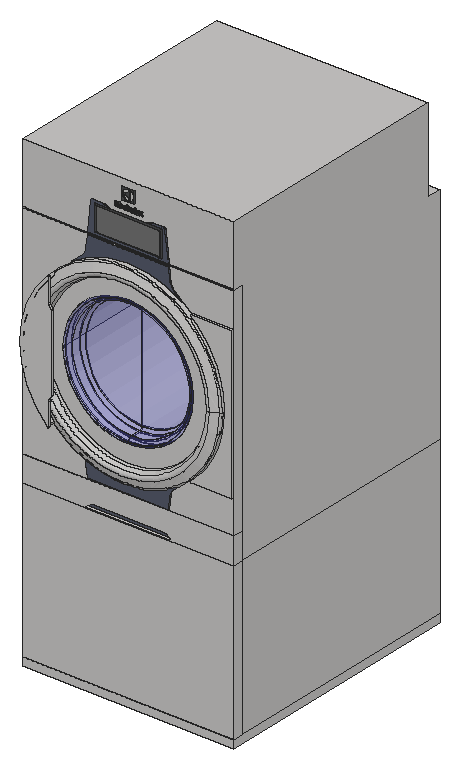
Revit family "QF_ELECTROLUXPROFESSIONAL_1L059Y_TD6-14_HP", category Attrezzature speciali, Revit 2021
Family settings
  Quota connettore circolare = Usa diametro
  Tipo di parte = Normale
  Basato su piano di lavoro = No
  Sempre verticale = Sì
  Taglio con vuoti quando caricato = No
  Condiviso = No
  Punto di calcolo locali = No
Parameters (values of type "9873730143")
  Weight = 273
  Watts = 6500 W
  Volts = 440 V
  URL = "www.electroluxprofessional.com"
  Steam Pounds per Hour = 0
  Show Logo [instance] = yes
  Show Clearance [instance] = yes
  Sensible Heat Output = "0.0"
  Prospetto di default = 0 mm
  Produttore = "Electrolux Professional"
  Phase = 3
  Modello = "TD6-14"
  Length Actual = 790 mm
  Latent Heat Output = "0.0"
  Item Number = "1LA0AB"
  Height Actual = 1771 mm
  Gas KW = 0
  Direct Waste Size [instance] = 31.75 mm
  Descrizione = "TUMBLE DRYER TD6-14 14KG GALVA.DRUM HEAT PUMP 440/60/3 COMPASS PRO 6G81 EU SILVER DO.LEFT MB STOP DISCON."
  Depth Actual = 990 mm
  Cycle = 60 Hz
  Corrente [instance] = "8.5"
Types (35, lengths in mm): name | Weight | Watts | Volts | Phase | Item Number | Descrizione | Depth Actual | Cycle | Corrente
  (no name) | 273 | 6500 W | 440 V | 3 | "1LA0AB" | "TUMBLE DRYER TD6-14 14KG GALVA.DRUM HEAT PUMP 440/60/3 COMPASS PRO 6G81 EU SILVER DO.LEFT MB STOP DISCON." | 990 | 60 Hz | "8.5"
  9873730067 | 273 | 6500 W | 400 V | 3 | "1LSN3Z" | "TUMBLE DRYER TD6-14 14KG GALVA.DRUM HEAT PUMP 400/50/3 COMPASS PRO 6A81 EU SILVER DO.RIGHT.INS. ELS-NETW. PREP.CB MB DIS" | 990 | 50 Hz | "9.4"
  9873730077 | 273 | 6500 W | 400 V | 3 | "1L0EL8" | "TUMBLE DRYER TD6-14 14KG GALVA.DRUM HEAT PUMP 400/50/3 COMPASS PRO 6L80 EU SILVER DO.RIGHT EXT.PM. DISCON. 2.I/O" | 990 | 50 Hz | "9.4"
  9873730204 | 222 | 5500 W | 200 V | 1 | "1L0HAX" | "TUMBLE DRYER TD6-14 14KG SST DRUM HEAT PUMP 200/60/1 COMPASS PRO 6L85 JP SILVER DO.RIGHT.INS. DISCON." | 965 | 60 Hz | "0.0"
  9873730017 | 273 | 6500 W | 415 V | 3 | "1L0E95" | "TUMBLE DRYER TD6-14 14KG GALVA.DRUM HEAT PUMP 380-415/50/3N COMPASS PRO 6G81 EU SILVER DO.RIGHT.INS. MB DSC STOP DISCON." | 990 | 50 Hz | "9.9"
  9873730113 | 273 | 6500 W | 400 V | 3 | "1LSNS9" | "TUMBLE DRYER TD6-14 14KG GALVA.DRUM HEAT PUMP 400/50/3 COMPASS PRO 6L80 EU SILVER DO.LEFT DISCON." | 990 | 50 Hz | "9.4"
  9873730180 | 273 | 6500 W | 480 V | 3 | "1L0GYC" | "TUMBLE DRYER TD6-14 14KG SST DRUM HEAT PUMP 480/60/3 COMPASS PRO 6G81 EU SILVER DO.LEFT MB STOP DISCON." | 990 | 60 Hz | "7.8"
  988919413 | 222 | 6500 W | 415 V | 3 | "1L80GV" | "Spare Part HP255 HP42CC" | 965 | 50 Hz | "9.9"
  9873730170 | 273 | 6500 W | 415 V | 3 | "1L0GKV" | "TUMBLE DRYER TD6-14 14KG SST DRUM HEAT PUMP 380-415/50/3N COMPASS PRO 6A81 SE SILVER DO.LEFT.INS. MB" | 990 | 50 Hz | "9.9"
  9873730110 | 273 | 6500 W | 400 V | 3 | "1LSNR5" | "TUMBLE DRYER TD6-14 14KG SST DRUM HEAT PUMP 400/50/3N COMPASS PRO 6G81 EU SILVER DO.RIGHT MB STOP DISCON." | 990 | 50 Hz | "9.4"
  9873730202 | 222 | 5500 W | 200 V | 1 | "1L0HAV" | "TUMBLE DRYER TD6-14 14KG SST DRUM HEAT PUMP 200/60/1 COMPASS PRO 6G85 JP SILVER DO.RIGHT.INS. ELS-NETW. MB DISCON." | 965 | 60 Hz | "0.0"
  9873730142 | 273 | 6500 W | 400 V | 3 | "1LA0A1" | "TUMBLE DRYER TD6-14 14KG GALVA.DRUM HEAT PUMP 400/50/3N COMPASS PRO 6A81 EU SILVER DO.RIGHT.INS. ELS-NETW. PREP.CB MB DI" | 990 | 50 Hz | "9.4"
  9873730064 | 273 | 5500 W | 220 V | 1 | "1L80FH" | "TUMBLE DRYER TD6-14 14KG SST DRUM HEAT PUMP 220/50/1N COMPASS PRO 6G81 EU SILVER DO.LEFT MB STOP DISCON." | 990 | 50 Hz | "25.0"
  9873730172 | 273 | 6500 W | 400 V | 3 | "1L99A0" | "TUMBLE DRYER TD6-14 14KG SST DRUM HEAT PUMP 400/50/3N COMPASS PRO 6L80 EU SILVER DO.RIGHT EXT.PM. DISCON. 2.I/O" | 990 | 50 Hz | "9.4"
  9873730132 | 273 | 5500 W | 240 V | 1 | "1LSNZF" | "TUMBLE DRYER TD6-14 14KG GALVA.DRUM HEAT PUMP 220-240/50/1N COMPASS PRO 6L80 EU SILVER DO.RIGHT DISCON." | 990 | 50 Hz | "25.0"
  9873730063 | 273 | 6500 W | 400 V | 3 | "1L80FG" | "TUMBLE DRYER TD6-14 14KG GALVA.DRUM HEAT PUMP 400/60/3 COMPASS PRO 6G81 EU SILVER DO.RIGHT MB STOP DISCON." | 990 | 60 Hz | "9.4"
  9873730147 | 273 | 6500 W | 400 V | 3 | "1L0GB3" | "TUMBLE DRYER TD6-14 14KG GALVA.DRUM HEAT PUMP 400/50/3N COMPASS PRO 6G81 EU SILVER DO.RIGHT MB STOP DISCON." | 990 | 50 Hz | "9.4"
  9873730167 | 222 | 5500 W | 220 V | 1 | "1L0GJF" | "TUMBLE DRYER TD6-14 14KG GALVA.DRUM HEAT PUMP 220/60/1N COMPASS PRO 6G81 EU SILVER DO.LEFT MB STOP DISCON." | 965 | 60 Hz | "25.0"
  9873730177 | 273 | 6500 W | 400 V | 3 | "1L0GUV" | "TUMBLE DRYER TD6-14 14KG SST DRUM HEAT PUMP 400/50/3N COMPASS PRO 6G81 EU SILVER DO.LEFT.INS. MB STOP DISCON." | 990 | 50 Hz | "9.4"
  9873730208 | 222 | 6200 W | 415 V | 3 | "1L82D2" | "TUMBLE DRYER TD6-14 14KG GALVA.DRUM HEAT PUMP 380-415/50/3N COMPASS PRO 6G81 EU SILVER DO.LEFT MB STOP DISCON." | 965 | 50 Hz | "0.0"
  9873730203 | 222 | 5500 W | 200 V | 1 | "1L0HAW" | "TUMBLE DRYER TD6-14 14KG SST DRUM HEAT PUMP 200/50/1 COMPASS PRO 6L85 JP SILVER DO.RIGHT.INS. DISCON." | 965 | 50 Hz | "0.0"
  9873730016 | 273 | 6200 W | 415 V | 3 | "1L0E94" | "TUMBLE DRYER TD6-14 14KG GALVA.DRUM HEAT PUMP 380-415/50/3N COMPASS PRO 6A81 SE SILVER DO.LEFT.INS. MB" | 990 | 50 Hz | "9.9"
  9873730141 | 273 | 6500 W | 400 V | 3 | "1LA0A0" | "TUMBLE DRYER TD6-14 14KG GALVA.DRUM HEAT PUMP 400/50/3N COMPASS PRO 6G81 EU SILVER DO.RIGHT MB STOP DISCON." | 990 | 50 Hz | "9.4"
  9873730206 | 222 | 6200 W | 415 V | 3 | "1LM0BD" | "TUMBLE DRYER TD6-14 14KG GALVA.DRUM HEAT PUMP 380-415/50/3N COMPASS PRO 6G81 EU SILVER DO.RIGHT.INS. MB STOP DISCON." | 965 | 50 Hz | "0.0"
  9873730015 | 273 | 5500 W | 240 V | 1 | "1L0E93" | "TUMBLE DRYER TD6-14 14KG GALVA.DRUM HEAT PUMP 220-240/50/1N COMPASS PRO 6G81 EU SILVER DO.RIGHT.INS. MB STOP DISCON." | 990 | 50 Hz | "25.0"
  9873730201 | 222 | 5500 W | 200 V | 1 | "1L0HAU" | "TUMBLE DRYER TD6-14 14KG SST DRUM HEAT PUMP 200/50/1 COMPASS PRO 6G85 JP SILVER DO.RIGHT.INS. ELS-NETW. MB DISCON." | 965 | 50 Hz | "0.0"
  9873730186 | 222 | 6500 W | 400 V | 3 | "1LSPNF" | "TUMBLE DRYER TD6-14 14KG SST DRUM HEAT PUMP 400/50/3N COMPASS PRO 6G81 EU SILVER DO.RIGHT.INS. MB DSC STOP DISCON." | 965 | 50 Hz | "9.4"
  9873730221 | 222 | 5500 W | 230 V | 1 | "1LT6KW" | "TUMBLE DRYER TD6-14 14KG SST DRUM HEAT PUMP 230/50/1N COMPASS PRO 6L80 EU SILVER DO.RIGHT EXT.PM. DISCON. 2.I/O" | 965 | 50 Hz | "0.0"
  9873730048 | 273 | 5500 W | 240 V | 1 | "1L0EH3" | "TUMBLE DRYER TD6-14 14KG GALVA.DRUM HEAT PUMP 220-240/50/1N COMPASS PRO 6G81 EU SILVER DO.RIGHT MB STOP DISCON." | 990 | 50 Hz | "25.0"
  9873730058 | 273 | 5500 W | 240 V | 1 | "1L80E2" | "TUMBLE DRYER TD6-14 14KG GALVA.DRUM HEAT PUMP 220-240/50/1N COMPASS PRO 6A81 EU SILVER DO.RIGHT ELS-NETW. PREP.CB MB DIS" | 990 | 50 Hz | "25.0"
  9873730068 | 273 | 6500 W | 400 V | 3 | "1LSN40" | "TUMBLE DRYER TD6-14 14KG GALVA.DRUM HEAT PUMP 400/50/3 COMPASS PRO 6G81 EU SILVER DO.RIGHT MB STOP DISCON." | 990 | 50 Hz | "9.4"
  9873730078 | 273 | 6500 W | 415 V | 3 | "1L80GX" | "TUMBLE DRYER TD6-14 14KG GALVA.DRUM HEAT PUMP 380-415/50/3N COMPASS PRO 6L80 EU SILVER DO.LEFT EXT.PM. DISCON. 2.I/O" | 990 | 50 Hz | "9.9"
  9873730219 | 222 | 6200 W | 415 V | 3 | "1L0HJG" | "TUMBLE DRYER TD6-14 14KG GALVA.DRUM HEAT PUMP 380-415/50/3N COMPASS PRO 6G81 EU SILVER DO.RIGHT.INS. MB STOP DISCON." | 965 | 50 Hz | "0.0"
  9873730166 | 273 | 5500 W | 230 V | 1 | "1LSPD0" | "TUMBLE DRYER TD6-14 14KG SST DRUM HEAT PUMP 230/50/1N COMPASS PRO 6G81 EU SILVER DO.LEFT.INS. MB STOP DISCON." | 990 | 50 Hz | "23.9"
  9873730143 | 273 | 6500 W | 440 V | 3 | "1LA0AB" | "TUMBLE DRYER TD6-14 14KG GALVA.DRUM HEAT PUMP 440/60/3 COMPASS PRO 6G81 EU SILVER DO.LEFT MB STOP DISCON." | 990 | 60 Hz | "8.5"
Reference planes
  plane 1: z = 0
  plane 2 "BACK": y = 439.5
  plane 3 "FRONT": y = -549.5
  plane 4 "LEFT": x = -799
  plane 5 "RIGHT": x = -6
  plane 6 "TOP": z = 1771
  plane 7: y = -601.5
  plane 8: y = -1323.5
Forms (mm)
  Extrusion 1, solid, material "QF_Finishes_Stainless Steel"
    sketch origin (718.1, -398.1, 598.796) x (0, 0, -1) y (0, 1, 0)
      loop
        line (-14.704, 812.6) -> (-855.66, 812.6) -> (-855.66, 756.6) -> (-941.204, 756.6) -> (-941.204, -115.453) -> (-14.704, -115.453) -> (-14.704, 812.6)
    from -1517.1 to -724.1
  Extrusion 2, solid, material "QF_Finishes_Stainless Steel"
    sketch origin (718.1, -368.1, 598.796) x (0, 0, -1) y (0, 1, 0)
      loop
        line (568.796, -145.453) -> (568.796, 782.6) -> (-14.704, 782.6) -> (-14.704, -145.453) -> (568.796, -145.453)
    from -1517.1 to -724.1
  Sweep 3, solid, material "QF_Finishes_Black"
    path origin (686.327, -549.5, 1684.42) x (0, 0, -1) y (1, 0, 0)
      loop
        line (131.445, -962.809) -> (32.707, -962.809) -> (32.707, -1214.809) -> (131.445, -1214.809) -> (131.445, -962.809)
    profile origin (-276.482, -549.5, 1602.344) x (-1, 0, 0) y (0, -1, 0)
      loop
        line (5, 0) -> (5, 5)
        arc (5, 5) -> (1.464, 3.536) -> (0, 0) r 5
        line (0, 0) -> (5, 0)
  Extrusion 4, solid, material "QF_Finishes_Dark Grey"
    sketch origin (686.327, -549.5, 1684.42) x (0, 0, -1) y (1, 0, 0)
      loop
        line (126.445, -1209.809) -> (126.445, -967.809) -> (37.707, -967.809) -> (37.707, -1209.809) -> (126.445, -1209.809)
    from 0 to 4
  Extrusion 5, void
    sketch origin (889, -517.06, 1195.994) x (0, 0, -1) y (1, 0, 0)
      loop
        circle (69.994, -1291.5) r 245
    from -451.9 to 33.109
  Extrusion 6, solid, material "QF_Finishes_Stainless Steel"
    sketch origin (718.1, 358.5, 1540) x (0, 0, -1) y (-1, 0, 0)
      loop
        circle (43, 834.1) r 12.7
    from 0 to 5
  Extrusion 7, solid, material "QF_Finishes_Stainless Steel"
    sketch origin (718.1, 414.5, 1454.455) x (0, 0, -1) y (-1, 0, 0)
      loop
        circle (1331.455, 1255.1) r 12.7
    from 0 to 25
  Extrusion 8, solid, material "QF_Finishes_Stainless Steel"
    sketch origin (-499, 0, 0) x (0, 1, 0) y (0, 0, 1)
      loop
        line (358.5, 1540) -> (358.5, 1771) -> (-549.5, 1771) -> (-549.5, 1541.816)
        arc (-549.5, 1541.816) -> (-548.968, 1540.532) -> (-547.684, 1540) r 1.816
        line (-547.684, 1540) -> (358.5, 1540)
    from -300 to 493
  Extrusion 9, solid, material "QF_Finishes_Stainless Steel"
    sketch origin (0, 0, 1114.3) x (-1, 0, 0) y (0, -1, 0)
      loop
        line (799, -414.5) -> (799, 549.5) -> (6, 549.5) -> (6, -414.5) -> (799, -414.5)
    from -1114.3 to -1084.3
  Extrusion 10, solid, material "QF_Finishes_Stainless Steel"
    sketch origin (-499, -118.96, 0) x (0, 1, 0) y (0, 0, 1)
      loop
        line (-394.593, 1540) -> (-430.54, 1540) -> (-430.54, 713.5) -> (-394.593, 713.5) -> (-394.593, 1540)
    from -300 to 493
  Extrusion 11, solid, material "QF_Finishes_Stainless Steel"
    sketch origin (-499, -118.96, 0) x (0, 1, 0) y (0, 0, 1)
      loop
        line (-430.54, 713.5) -> (-430.54, 613.5) -> (-394.593, 613.5) -> (-394.593, 713.5) -> (-430.54, 713.5)
    from -300 to 493
  Extrusion 12, solid, material "QF_Finishes_Stainless Steel"
    sketch origin (-499, -118.96, 0) x (0, 1, 0) y (0, 0, 1)
      loop
        line (-394.593, 613.5) -> (-430.54, 613.5) -> (-430.54, 30) -> (-394.593, 30) -> (-394.593, 613.5)
    from -300 to 493
  Sweep 13, solid, material "QF_Finishes_Stainless Steel"
    path origin (-409, -549.5, 1444.576) x (0, 0, -1) y (1, 0, 0)
      loop
        circle (318.576, 6.5) r 366.295
    profile origin (-402.5, -549.5, 1492.295) x (0, 0, -1) y (0, -1, 0)
      loop
        line (0, 0) -> (60.401, 0)
        arc (60.401, 0) -> (59.825, 6.814) -> (57.535, 13.257) r 26.651
        line (57.535, 13.257) -> (49.537, 28.994)
        arc (49.537, 28.994) -> (42.511, 35.32) -> (33.058, 35.302) r 13.156
        line (33.058, 35.302) -> (4.309, 24.168)
        arc (4.309, 24.168) -> (1.18, 21.691) -> (0, 17.88) r 6.744
        line (0, 17.88) -> (0, 0)
  Extrusion 14, solid, material "QF_Finishes_Stainless Steel"
    sketch origin (889, -689.525, 1195.994) x (0, 0, -1) y (1, 0, 0)
      loop
        line (353.669, -897.598) -> (-212.997, -897.549) -> (-213.01, -1046.361)
        arc (-213.01, -1046.361) -> (-212.131, -1048.481) -> (-210.011, -1049.36) r 2.999
        line (-210.011, -1049.36) -> (-204.852, -1049.36)
        arc (-204.852, -1049.36) -> (-80.8, -957.683) -> (69.994, -925.205) r 366.295
        arc (69.994, -925.205) -> (220.927, -957.746) -> (345.042, -1049.589) r 366.295
        line (345.042, -1049.589) -> (350.683, -1049.589)
        arc (350.683, -1049.589) -> (352.804, -1048.711) -> (353.682, -1046.59) r 2.999
        line (353.682, -1046.59) -> (353.669, -897.598)
    from -140.025 to -130.025
  Revolve 15, solid, material "QF_Door-Drawer Clearances", visible <- "Show Clearance", detail levels coarse
    sketch origin (889, -601.5, 1195.994) x (0, 0, -1) y (1, 0, 0)
      loop
        circle (69.994, -1291.5) r 366.295
      axis (69.994, -924.023) -> (68.994, -924.023)
    angle from 0 to -90
  Revolve 16, solid, material "QF_Finishes_Glass"
    sketch origin (-402.863, -289.313, 555.02) x (0, 1, 0) y (0, 0, 1)
      loop
        arc (-190.673, 783.338) -> (-195.066, 793.945) -> (-205.673, 798.338) r 15
        line (-205.673, 798.338) -> (-244.95, 798.338)
        arc (-244.95, 798.338) -> (-252.021, 801.267) -> (-254.95, 808.338) r 10
        line (-254.95, 808.338) -> (-254.95, 816.338) -> (-259.95, 816.338) -> (-259.95, 808.338)
        arc (-259.95, 808.338) -> (-255.556, 797.732) -> (-244.95, 793.338) r 15
        line (-244.95, 793.338) -> (-205.673, 793.338)
        arc (-205.673, 793.338) -> (-198.602, 790.409) -> (-195.673, 783.338) r 10
        line (-195.673, 783.338) -> (-195.673, 570.975) -> (-190.673, 570.975) -> (-190.673, 783.338)
      axis (-259.95, 570.975) -> (-190.673, 570.975)
    angle from 0 to 360
  Extrusion 17, solid, material "QF_Finishes_Stainless Steel"
    sketch origin (-529, -549.5, 1444.576) x (0, 0, -1) y (1, 0, 0)
      loop
        arc (176.622, -119.08) -> (174.216, -119.45) -> (172.033, -120.527) r 8
        line (172.033, -120.527) -> (158.099, -130.284)
        arc (158.099, -130.284) -> (155.934, -131.338) -> (153.554, -131.7) r 8
        line (153.554, -131.7) -> (65.736, -131.7)
        arc (65.736, -131.7) -> (63.285, -133.352) -> (63.896, -136.244) r 2.645
        arc (63.896, -136.244) -> (318.617, -239.419) -> (573.315, -136.187) r 365.919
        arc (573.315, -136.187) -> (573.918, -133.331) -> (571.497, -131.7) r 2.612
        line (571.497, -131.7) -> (483.599, -131.7)
        arc (483.599, -131.7) -> (481.193, -131.33) -> (479.01, -130.253) r 8
        line (479.01, -130.253) -> (465.119, -120.527)
        arc (465.119, -120.527) -> (462.936, -119.45) -> (460.53, -119.08) r 8
        line (460.53, -119.08) -> (176.622, -119.08)
    from 47.713 to 52
  Extrusion 18, solid, material "QF_Finishes_Stainless Steel"
    sketch origin (-529, -601.5, 1444.576) x (0, 0, -1) y (1, 0, 0)
      loop
        arc (63.896, -136.244) -> (318.617, -239.419) -> (573.315, -136.187) r 365.919
        line (573.315, -136.187) -> (563.547, -131.7)
        arc (563.547, -131.7) -> (318.584, -229.419) -> (73.616, -131.711) r 355.919
        line (73.616, -131.711) -> (63.896, -136.244)
    from -4.287 to -34.753
  Extrusion 19, void
    sketch origin (-401.334, -549.5, 611.842) x (0, 0, 1) y (1, 0, 0)
      loop
        arc (1.908, -169.725) -> (2.027, -168.962) -> (2.374, -168.272) r 2.499
        line (2.374, -168.272) -> (21.699, -140.672)
        arc (21.699, -140.672) -> (23.335, -137.382) -> (23.898, -133.751) r 11.994
        line (23.898, -133.751) -> (23.897, 130.467)
        arc (23.897, 130.467) -> (23.336, 134.095) -> (21.703, 137.383) r 11.994
        line (21.703, 137.383) -> (2.374, 164.988)
        arc (2.374, 164.988) -> (2.027, 165.678) -> (1.908, 166.441) r 2.499
        line (1.908, 166.441) -> (1.908, -169.725)
    from 0 to 13.427
  Extrusion 20, solid, material "QF_Finishes_Blue"
    sketch origin (-499, -549.5, 893.425) x (0, 0, 1) y (-1, 0, 0)
      loop
        arc (767.274, 37.584) -> (765.819, 41.099) -> (762.304, 42.555) r 4.971
        line (762.304, 42.555) -> (650.575, 54.795) -> (650.575, -247.832) -> (761.659, -235.663)
        arc (761.659, -235.663) -> (765.63, -234.018) -> (767.274, -230.047) r 5.615
        line (767.274, -230.047) -> (767.274, -186.505)
        arc (767.274, -186.505) -> (766.484, -180.953) -> (764.209, -175.828) r 20.351
        line (764.209, -175.828) -> (758.288, -166.304) -> (758.288, -222.518) -> (659.55, -222.518) -> (659.55, 29.482) -> (758.288, 29.482) -> (758.288, -26.732) -> (764.209, -17.208)
        arc (764.209, -17.208) -> (766.483, -12.086) -> (767.274, -6.538) r 20.35
        line (767.274, -6.538) -> (767.274, 37.584)
    from 0 to 1.6
  Extrusion 21, solid, material "QF_Finishes_Blue"
    sketch origin (-499, -549.5, 893.425) x (0, 0, 1) y (-1, 0, 0)
      loop
        arc (594.486, 60.933) -> (579.244, 65.533) -> (566.695, 75.331) r 43.3
        line (566.695, 75.331) -> (532.276, 114.098)
        arc (532.276, 114.098) -> (598.87, -96.026) -> (532.82, -306.322) r 366.295
        line (532.82, -306.322) -> (566.695, -268.167)
        arc (566.695, -268.167) -> (579.244, -258.37) -> (594.486, -253.77) r 43.3
        line (594.486, -253.77) -> (642.075, -248.6) -> (642.075, 55.764) -> (594.486, 60.933)
    from 0 to 1.6
  Extrusion 22, solid, material "QF_Finishes_Blue"
    sketch origin (-499, -549.5, 893.425) x (0, 0, 1) y (-1, 0, 0)
      loop
        line (-129.403, 60.926) -> (-176.925, 55.764) -> (-176.925, -248.6) -> (-129.403, -253.763)
        arc (-129.403, -253.763) -> (-114.123, -258.355) -> (-101.544, -268.169) r 43.3
        line (-101.544, -268.169) -> (-67.671, -306.321)
        arc (-67.671, -306.321) -> (-133.72, -96.026) -> (-67.127, 114.098) r 366.295
        line (-67.127, 114.098) -> (-101.544, 75.332)
        arc (-101.544, 75.332) -> (-114.123, 65.518) -> (-129.403, 60.926) r 43.3
    from 0 to 1.6
Cuts and joins
  Extrusion 5 cuts Extrusion 1
  Extrusion 5 cuts Extrusion 8
  joined: Extrusion 1, Extrusion 8
  Extrusion 5 cuts Extrusion 10
  Extrusion 19 cuts Extrusion 11
  joined: Sweep 13, Extrusion 14, Extrusion 17, Extrusion 18
Lines and regions (mm)
  Split face 1
    outline origin (-6, -549.5, 1540) x (-1, 0, 0) y (0, 0, -1)
      loop
        circle (396.5, 414) r 305.895
  symbolic lines
    curve 1: line (-6, 414.5, 1771) -> (-799, 414.5, 1771)
    curve 2: line (-799, -549.5, 1771) -> (-6, -549.5, 1771)
    curve 3: line (-6, 414.5, 0) -> (-6, -549.5, 0)
    curve 4: line (-799, 414.5, 0) -> (-799, -549.5, 0)
    curve 6: line (-6, 358.5, 0) -> (-799, 358.5, 0)
    curve 25: line (-549.7, 414.5, 0) -> (-549.7, 439.5, 0)
    curve 26: line (-549.7, 439.5, 0) -> (-524.3, 439.5, 0)
    curve 27: line (-524.3, 439.5, 0) -> (-524.3, 414.5, 0)
  symbolic lines, style "QF_Door-Drawer Clearances", visible <- "Show Clearance"
    curve 5: line (-6, -1323.5, 0) -> (-6, -549.5, 0)
    curve 7: arc (-768.795, -549.5, 0) -> (-549.88, -1096.63, 0) -> (-6, -1323.5, 0) r 761.144
  symbolic lines, style "SpecialityEquipment"
    curve 8: line (-8.549, -559.5, 0) -> (-8.549, -549.5, 0)
    curve 9: line (-160.36, -559.5, 0) -> (-8.549, -559.5, 0)
    curve 10: line (-160.36, -549.5, 0) -> (-160.36, -559.5, 0)
    curve 11: line (-768.419, -601.5, 0) -> (-659.284, -601.5, 0)
    curve 12: line (-659.284, -597.213, 0) -> (-758.419, -597.213, 0)
    curve 13: line (-758.419, -569.602, 0) -> (-758.419, -597.213, 0)
    curve 14: line (-659.284, -597.213, 0) -> (-659.284, -601.5, 0)
    curve 15: line (-768.419, -569.602, 0) -> (-758.419, -569.602, 0)
    curve 16: line (-74.013, -585.689, 0) -> (-758.419, -585.689, 0)
    curve 17: line (-768.419, -569.602, 0) -> (-768.419, -601.5, 0)
    curve 18: line (-40.513, -573.668, 0) -> (-758.419, -573.668, 0)
    curve 19: line (-768.795, -549.5, 0) -> (-768.795, -567.38, 0)
    curve 20: arc (-768.795, -567.38, 0) -> (-768.701, -568.507, 0) -> (-768.419, -569.602, 0) r 6.744
    curve 21: line (-36.205, -559.5, 0) -> (-36.205, -567.38, 0)
    curve 22: line (-40.513, -573.668, 0) -> (-69.262, -584.802, 0)
    curve 23: arc (-36.205, -567.38, 0) -> (-37.385, -571.191, 0) -> (-40.513, -573.668, 0) r 6.744
    curve 24: arc (-74.013, -585.689, 0) -> (-71.597, -585.465, 0) -> (-69.262, -584.802, 0) r 13.156
Dimensions and locks
  plane 4 "LEFT" to plane 5 "RIGHT" = 793 mm
  plane 2 "BACK" to plane 3 "FRONT" = 989 mm
  plane 6 "TOP" to level = 1771 mm
  Extrusion 6 sketch curve to plane 6 "TOP" = 274 mm
  plane 5 "RIGHT" to Extrusion 6 sketch curve = 110 mm
  level to Extrusion 7 sketch curve = 123 mm
  Extrusion 7 sketch curve to plane 4 "LEFT" = 262 mm
  plane 2 "BACK" to plane 7 = 1041 mm
  plane 2 "BACK" to plane 8 = 1763 mm
  aligned and locked: level to plane 1
  aligned and locked: Extrusion 1 to plane 4 "LEFT"
  aligned and locked: plane 5 "RIGHT" to Extrusion 1
  aligned and locked: Extrusion 2 to plane 4 "LEFT"
  aligned and locked: plane 5 "RIGHT" to Extrusion 2
  aligned and locked: plane 5 "RIGHT" to Extrusion 8
  aligned and locked: Extrusion 8 to plane 4 "LEFT"
  aligned and locked: plane 5 "RIGHT" to Extrusion 12
  aligned and locked: Extrusion 12 to plane 4 "LEFT"
  aligned and locked: Extrusion 11 to plane 4 "LEFT"
  aligned and locked: plane 5 "RIGHT" to Extrusion 11
  aligned and locked: Extrusion 10 to plane 4 "LEFT"
  aligned and locked: plane 5 "RIGHT" to Extrusion 10
  aligned and locked: Extrusion 18 to Extrusion 17
Nested families
  nested 1: "ELX_Logo_S_New" at (-415.511, -549.5, 1674.59) x (1, 0, 0) z (0, -1, 0), visible <- "Show Logo", type "ELX_Logo_S_New"
    with Material QF_Finishes_Black
  nested 2: "ELX_Logo_Symbol_S" at (-394.886, -549.5, 1729.274) x (-1, 0, 0) z (0, -1, 0), visible <- "Show Logo", type "ELX_Logo_Symbol_S"
    with Material QF_Finishes_Black
Connectors
  piping at (-537, 439.5, 123), diameter 25.4
    settings: on Extrusion 7, index 3, connector inside diameter 609.6 mm, connector length 0 mm, flow factor 0, pipe flow 0.0 L/s, pressure drop 0.0 Pa, fitting loss kfactor 0, connector angle 0.00°, fixture units 0, engagement length 0 mm, angle of deflection 0.00°, flow configuration 1, flow direction 2, fitting loss method 0, system type 7, joint type 0, gender type 0, connector reference index -1, connector utility 0, adjustable connector no, is connector primary yes, connector description "Condensation"
  electrical at (-116, 363.5, 1497)
    settings: on Extrusion 6, index 4, voltage 0 V, apparent load 0 VA, apparent load phase1 0 VA, apparent load phase2 0 VA, apparent load phase3 0 VA, power factor 1, load classification "Other", number of poles 1, system type 30, power factor state 1, is connector primary yes, connector utility no, sub classification motor no, connector description "Electrical Connection"
Definition of nested family "ELX_Logo_S_New"
  Parameters
    Material [instance] = none
    Default Elevation = 0 mm
  Reference planes
    plane 1 "Centro (Fronte/Retro)": y = 0
    plane 2: z = 0
    plane 3 "Centro (Sinistra/Destra)": x = 0
  Forms (mm)
    Extrusion 1, solid
      sketch origin (0, 0, 0) x (1, 0, 0) y (0, 1, 0)
        loop
          line (-1219.2, 1219.2) -> (-1219.2, -1219.2) -> (1219.2, -1219.2) -> (1219.2, 1219.2) -> (-1219.2, 1219.2)
      from 0 to -304.8
    Extrusion 2, solid, material <- "Material"
      sketch origin (0, 0, 0) x (1, 0, 0) y (0, 1, 0)
        loop
          spline (-31.006, -2.781) -> (-31.24, -2.771) -> (-31.49, -2.739) -> (-31.748, -2.68) -> (-32.009, -2.591) -> (-32.264, -2.469) -> (-32.508, -2.308) -> (-32.732, -2.105) -> (-32.932, -1.857) -> (-33.099, -1.559) -> (-33.226, -1.207) -> (-33.308, -0.798) -> (-33.337, -0.327)
          line (-33.337, -0.327) -> (-33.337, 1.761) -> (-26.444, 1.761) -> (-26.444, 4.423) -> (-33.338, 4.423) -> (-33.338, 8.299) -> (-26.005, 8.299) -> (-26.005, 10.954) -> (-36.159, 10.954) -> (-36.159, -0.206)
          spline (-36.159, -0.206) -> (-36.134, -0.893) -> (-36.057, -1.54) -> (-35.927, -2.145) -> (-35.743, -2.707) -> (-35.503, -3.222) -> (-35.206, -3.689) -> (-34.85, -4.106) -> (-34.433, -4.47) -> (-33.955, -4.779) -> (-33.414, -5.031) -> (-32.809, -5.223) -> (-32.137, -5.354)
          line (-32.137, -5.354) -> (-31.029, -5.433) -> (-25.809, -5.433) -> (-25.809, -2.781) -> (-31.006, -2.781)
        loop
          line (-23.804, 3.211) -> (-23.804, -5.437) -> (-20.982, -5.437) -> (-20.982, 10.958) -> (-23.804, 10.958) -> (-23.804, 3.211)
        loop
          spline (-7.052, -0.2) -> (-7.034, 0.688) -> (-7.119, 1.546) -> (-7.304, 2.368) -> (-7.586, 3.144) -> (-7.962, 3.868) -> (-8.426, 4.531) -> (-8.977, 5.126) -> (-9.61, 5.644) -> (-10.321, 6.077) -> (-11.107, 6.419) -> (-11.964, 6.66) -> (-12.889, 6.793)
          spline (-12.889, 6.793) -> (-13.767, 6.742) -> (-14.602, 6.592) -> (-15.387, 6.346) -> (-16.116, 6.008) -> (-16.782, 5.583) -> (-17.379, 5.073) -> (-17.902, 4.483) -> (-18.343, 3.816) -> (-18.697, 3.077) -> (-18.958, 2.269) -> (-19.119, 1.395) -> (-19.174, 0.46)
          spline (-19.174, 0.46) -> (-19.121, -0.452) -> (-18.964, -1.304) -> (-18.71, -2.094) -> (-18.362, -2.816) -> (-17.926, -3.468) -> (-17.406, -4.045) -> (-16.808, -4.544) -> (-16.137, -4.96) -> (-15.397, -5.291) -> (-14.594, -5.532) -> (-13.733, -5.679) -> (-12.817, -5.729)
          spline (-12.817, -5.729) -> (-12.371, -5.719) -> (-11.93, -5.685) -> (-11.493, -5.626) -> (-11.062, -5.54) -> (-10.636, -5.425) -> (-10.216, -5.277) -> (-9.8, -5.096) -> (-9.391, -4.879) -> (-8.987, -4.623) -> (-8.588, -4.326) -> (-8.196, -3.987) -> (-7.809, -3.603)
          line (-7.809, -3.603) -> (-9.51, -1.949)
          spline (-9.51, -1.949) -> (-9.734, -2.164) -> (-9.959, -2.362) -> (-10.188, -2.542) -> (-10.422, -2.703) -> (-10.662, -2.846) -> (-10.913, -2.971) -> (-11.174, -3.077) -> (-11.449, -3.163) -> (-11.739, -3.231) -> (-12.047, -3.28) -> (-12.374, -3.309) -> (-12.723, -3.319)
          spline (-12.723, -3.319) -> (-13.234, -3.294) -> (-13.713, -3.219) -> (-14.158, -3.098) -> (-14.568, -2.931) -> (-14.94, -2.72) -> (-15.272, -2.469) -> (-15.562, -2.177) -> (-15.809, -1.849) -> (-16.009, -1.485) -> (-16.162, -1.088) -> (-16.264, -0.659) -> (-16.314, -0.2)
          line (-16.314, -0.2) -> (-7.052, -0.2)
        loop
          spline (-9.888, 1.784) -> (-9.915, 2.133) -> (-9.995, 2.469) -> (-10.124, 2.788) -> (-10.298, 3.088) -> (-10.514, 3.365) -> (-10.768, 3.615) -> (-11.056, 3.836) -> (-11.376, 4.024) -> (-11.722, 4.176) -> (-12.092, 4.289) -> (-12.482, 4.359) -> (-12.889, 4.383)
          spline (-12.889, 4.383) -> (-13.325, 4.36) -> (-13.744, 4.291) -> (-14.144, 4.18) -> (-14.52, 4.03) -> (-14.868, 3.844) -> (-15.186, 3.624) -> (-15.469, 3.375) -> (-15.715, 3.099) -> (-15.919, 2.798) -> (-16.077, 2.477) -> (-16.186, 2.138) -> (-16.243, 1.784)
          line (-16.243, 1.784) -> (-9.888, 1.784)
        loop
          spline (-2.737, 0.532) -> (-2.704, 1.057) -> (-2.61, 1.555) -> (-2.457, 2.022) -> (-2.249, 2.455) -> (-1.991, 2.851) -> (-1.685, 3.205) -> (-1.336, 3.514) -> (-0.948, 3.775) -> (-0.524, 3.984) -> (-0.067, 4.138) -> (0.417, 4.233) -> (0.926, 4.265)
          spline (0.926, 4.265) -> (1.238, 4.255) -> (1.537, 4.226) -> (1.824, 4.178) -> (2.098, 4.112) -> (2.362, 4.027) -> (2.615, 3.925) -> (2.858, 3.806) -> (3.093, 3.67) -> (3.318, 3.518) -> (3.536, 3.349) -> (3.746, 3.165) -> (3.95, 2.966)
          line (3.95, 2.966) -> (5.699, 4.785)
          spline (5.699, 4.785) -> (5.351, 5.133) -> (4.992, 5.446) -> (4.624, 5.724) -> (4.246, 5.969) -> (3.859, 6.181) -> (3.463, 6.362) -> (3.059, 6.512) -> (2.646, 6.633) -> (2.226, 6.725) -> (1.8, 6.79) -> (1.366, 6.828) -> (0.926, 6.841)
          spline (0.926, 6.841) -> (0.044, 6.786) -> (-0.801, 6.626) -> (-1.601, 6.367) -> (-2.349, 6.014) -> (-3.037, 5.573) -> (-3.658, 5.051) -> (-4.204, 4.453) -> (-4.668, 3.785) -> (-5.041, 3.053) -> (-5.318, 2.263) -> (-5.489, 1.421) -> (-5.548, 0.532)
          spline (-5.548, 0.532) -> (-5.489, -0.357) -> (-5.318, -1.199) -> (-5.041, -1.989) -> (-4.668, -2.721) -> (-4.204, -3.389) -> (-3.658, -3.987) -> (-3.037, -4.509) -> (-2.349, -4.95) -> (-1.601, -5.303) -> (-0.801, -5.562) -> (0.044, -5.722) -> (0.926, -5.777)
          spline (0.926, -5.777) -> (1.366, -5.764) -> (1.8, -5.726) -> (2.226, -5.662) -> (2.646, -5.569) -> (3.059, -5.449) -> (3.463, -5.298) -> (3.859, -5.117) -> (4.246, -4.905) -> (4.624, -4.66) -> (4.992, -4.382) -> (5.351, -4.069) -> (5.699, -3.721)
          line (5.699, -3.721) -> (3.95, -1.902)
          spline (3.95, -1.902) -> (3.746, -2.101) -> (3.536, -2.285) -> (3.318, -2.453) -> (3.093, -2.606) -> (2.858, -2.742) -> (2.615, -2.861) -> (2.362, -2.964) -> (2.098, -3.048) -> (1.824, -3.114) -> (1.537, -3.162) -> (1.238, -3.191) -> (0.926, -3.201)
          spline (0.926, -3.201) -> (0.417, -3.169) -> (-0.067, -3.074) -> (-0.524, -2.92) -> (-0.948, -2.711) -> (-1.336, -2.45) -> (-1.685, -2.141) -> (-1.991, -1.787) -> (-2.249, -1.391) -> (-2.457, -0.958) -> (-2.61, -0.491) -> (-2.704, 0.007) -> (-2.737, 0.532)
        loop
          spline (12.895, -2.785) -> (12.646, -2.789) -> (12.379, -2.77) -> (12.102, -2.724) -> (11.82, -2.646) -> (11.542, -2.531) -> (11.274, -2.376) -> (11.024, -2.175) -> (10.797, -1.924) -> (10.602, -1.618) -> (10.445, -1.253) -> (10.334, -0.824) -> (10.275, -0.327)
          line (10.275, -0.327) -> (10.275, 3.855) -> (12.842, 3.855) -> (12.842, 6.419) -> (10.278, 6.419) -> (10.278, 10.958) -> (7.456, 10.958) -> (7.456, -0.488)
          spline (7.456, -0.488) -> (7.516, -1.152) -> (7.626, -1.776) -> (7.785, -2.359) -> (7.996, -2.899) -> (8.26, -3.392) -> (8.577, -3.837) -> (8.951, -4.232) -> (9.38, -4.575) -> (9.868, -4.864) -> (10.415, -5.096) -> (11.023, -5.27) -> (11.693, -5.383)
          line (11.693, -5.383) -> (12.885, -5.437) -> (12.895, -2.785)
        loop
          spline (22.391, 6.583) -> (21.903, 6.613) -> (21.433, 6.605) -> (20.982, 6.558) -> (20.553, 6.476) -> (20.145, 6.358) -> (19.76, 6.207) -> (19.401, 6.022) -> (19.067, 5.807) -> (18.76, 5.561) -> (18.482, 5.286) -> (18.234, 4.984) -> (18.016, 4.655)
          line (18.016, 4.655) -> (18.016, 6.418) -> (15.217, 6.418) -> (15.217, -5.437) -> (18.016, -5.437) -> (18.016, 0.797)
          spline (18.016, 0.797) -> (18.042, 1.269) -> (18.118, 1.71) -> (18.242, 2.117) -> (18.412, 2.488) -> (18.627, 2.822) -> (18.884, 3.117) -> (19.182, 3.371) -> (19.518, 3.583) -> (19.892, 3.751) -> (20.3, 3.873) -> (20.742, 3.947) -> (21.215, 3.972)
          line (21.215, 3.972) -> (22.391, 3.855) -> (22.391, 6.583)
        loop
          spline (35.761, 0.49) -> (35.702, 1.36) -> (35.53, 2.189) -> (35.253, 2.971) -> (34.878, 3.698) -> (34.414, 4.364) -> (33.867, 4.963) -> (33.246, 5.488) -> (32.558, 5.932) -> (31.811, 6.289) -> (31.013, 6.552) -> (30.171, 6.715) -> (29.293, 6.771)
          spline (29.293, 6.771) -> (28.409, 6.715) -> (27.564, 6.552) -> (26.763, 6.289) -> (26.016, 5.932) -> (25.328, 5.488) -> (24.708, 4.963) -> (24.163, 4.364) -> (23.701, 3.698) -> (23.328, 2.971) -> (23.053, 2.189) -> (22.882, 1.36) -> (22.823, 0.49)
          spline (22.823, 0.49) -> (22.882, -0.379) -> (23.053, -1.208) -> (23.328, -1.989) -> (23.701, -2.716) -> (24.163, -3.382) -> (24.708, -3.981) -> (25.328, -4.506) -> (26.016, -4.951) -> (26.763, -5.308) -> (27.564, -5.571) -> (28.409, -5.734) -> (29.293, -5.79)
          spline (29.293, -5.79) -> (30.171, -5.734) -> (31.013, -5.571) -> (31.811, -5.308) -> (32.558, -4.951) -> (33.246, -4.506) -> (33.867, -3.981) -> (34.414, -3.382) -> (34.878, -2.716) -> (35.253, -1.989) -> (35.53, -1.208) -> (35.702, -0.379) -> (35.761, 0.49)
        loop
          spline (32.961, 0.49) -> (32.929, 1.004) -> (32.833, 1.493) -> (32.679, 1.955) -> (32.47, 2.385) -> (32.21, 2.779) -> (31.903, 3.134) -> (31.553, 3.445) -> (31.164, 3.709) -> (30.739, 3.921) -> (30.283, 4.077) -> (29.8, 4.174) -> (29.293, 4.207)
          spline (29.293, 4.207) -> (28.781, 4.174) -> (28.294, 4.077) -> (27.836, 3.921) -> (27.411, 3.709) -> (27.022, 3.445) -> (26.673, 3.134) -> (26.368, 2.779) -> (26.11, 2.385) -> (25.903, 1.955) -> (25.75, 1.493) -> (25.656, 1.004) -> (25.624, 0.49)
          spline (25.624, 0.49) -> (25.656, -0.022) -> (25.75, -0.512) -> (25.903, -0.973) -> (26.11, -1.403) -> (26.368, -1.798) -> (26.673, -2.153) -> (27.022, -2.464) -> (27.411, -2.728) -> (27.836, -2.94) -> (28.294, -3.096) -> (28.781, -3.193) -> (29.293, -3.226)
          spline (29.293, -3.226) -> (29.8, -3.193) -> (30.283, -3.096) -> (30.739, -2.94) -> (31.164, -2.728) -> (31.553, -2.464) -> (31.903, -2.153) -> (32.21, -1.798) -> (32.47, -1.403) -> (32.679, -0.973) -> (32.833, -0.512) -> (32.929, -0.022) -> (32.961, 0.49)
        loop
          line (37.497, 3.493) -> (37.497, -5.437) -> (40.321, -5.437) -> (40.321, 10.958) -> (37.497, 10.958) -> (37.497, 3.493)
        loop
          line (50.501, 6.418) -> (50.501, -0.473)
          spline (50.501, -0.473) -> (50.478, -0.921) -> (50.412, -1.325) -> (50.305, -1.686) -> (50.159, -2.005) -> (49.978, -2.282) -> (49.763, -2.52) -> (49.517, -2.718) -> (49.243, -2.878) -> (48.943, -3.001) -> (48.619, -3.087) -> (48.275, -3.139) -> (47.913, -3.155)
          spline (47.913, -3.155) -> (47.55, -3.139) -> (47.206, -3.088) -> (46.883, -3.001) -> (46.583, -2.879) -> (46.309, -2.72) -> (46.063, -2.523) -> (45.849, -2.287) -> (45.667, -2.012) -> (45.522, -1.696) -> (45.414, -1.339) -> (45.348, -0.94) -> (45.326, -0.498)
          line (45.326, -0.498) -> (45.326, 6.418) -> (42.479, 6.418) -> (42.479, -0.733)
          spline (42.479, -0.733) -> (42.53, -1.543) -> (42.676, -2.28) -> (42.911, -2.945) -> (43.228, -3.537) -> (43.621, -4.058) -> (44.082, -4.508) -> (44.604, -4.888) -> (45.18, -5.197) -> (45.804, -5.437) -> (46.468, -5.607) -> (47.165, -5.709) -> (47.89, -5.743)
          spline (47.89, -5.743) -> (48.62, -5.709) -> (49.323, -5.605) -> (49.993, -5.432) -> (50.621, -5.189) -> (51.203, -4.875) -> (51.729, -4.491) -> (52.194, -4.034) -> (52.59, -3.506) -> (52.91, -2.905) -> (53.147, -2.231) -> (53.295, -1.484) -> (53.346, -0.662)
          line (53.346, -0.662) -> (53.346, 6.418) -> (50.501, 6.418)
        loop
          line (64.026, -1.646) -> (62.246, 0.843) -> (64.45, 3.846) -> (66.338, 6.418) -> (63.257, 6.418) -> (60.692, 2.866) -> (58.105, 6.418) -> (55.047, 6.418) -> (56.801, 4.02) -> (59.14, 0.82) -> (56.689, -2.595) -> (54.647, -5.437) -> (57.682, -5.437) -> (60.692, -1.25) -> (63.703, -5.437) -> (66.738, -5.437) -> (64.026, -1.646)
      from 0 to 1.644
  Dimensions and locks
    aligned and locked: plane 2 to Extrusion 1
    aligned and locked: level to Extrusion 1
Definition of nested family "ELX_Logo_Symbol_S"
  Parameters
    Material [instance] = none
    Default Elevation = 0 mm
  Reference planes
    plane 1 "Centro (Fronte/Retro)": y = 0
    plane 2: z = 0
    plane 3 "Centro (Sinistra/Destra)": x = 0
  Forms (mm)
    Extrusion 1, solid
      sketch origin (0, 0, 0) x (1, 0, 0) y (0, 1, 0)
        loop
          line (-1219.2, 1219.2) -> (-1219.2, -1219.2) -> (1219.2, -1219.2) -> (1219.2, 1219.2) -> (-1219.2, 1219.2)
      from 0 to -304.8
    Extrusion 2, solid, material <- "Material"
      sketch origin (94.462, 558.781, 0) x (1, 0, 0) y (0, 1, 0)
        loop
          line (-92.971, -571.574) -> (-92.971, -531.14)
          arc (-92.971, -531.14) -> (-107.917, -551.357) -> (-92.971, -571.574) r 21.146
        loop
          arc (-90.914, -571.574) -> (-74.098, -567.752) -> (-65.997, -552.529) r 20.723
          line (-65.997, -552.529) -> (-72.686, -552.529)
          arc (-72.686, -552.529) -> (-84.636, -557.38) -> (-90.914, -568.646) r 19.424
          line (-90.914, -568.646) -> (-90.914, -571.574)
        loop
          arc (-90.914, -534.068) -> (-84.636, -545.334) -> (-72.686, -550.185) r 19.424
          line (-72.686, -550.185) -> (-65.997, -550.185)
          arc (-65.997, -550.185) -> (-74.085, -534.837) -> (-90.914, -530.621) r 21.265
          line (-90.914, -530.621) -> (-90.914, -534.068)
        loop
          line (-64.462, -573.781) -> (-64.462, -528.842) -> (-109.462, -528.842) -> (-109.462, -573.781) -> (-64.462, -573.781)
      from 0 to 1.644
  Dimensions and locks
    aligned and locked: plane 2 to Extrusion 1
    aligned and locked: level to Extrusion 1
